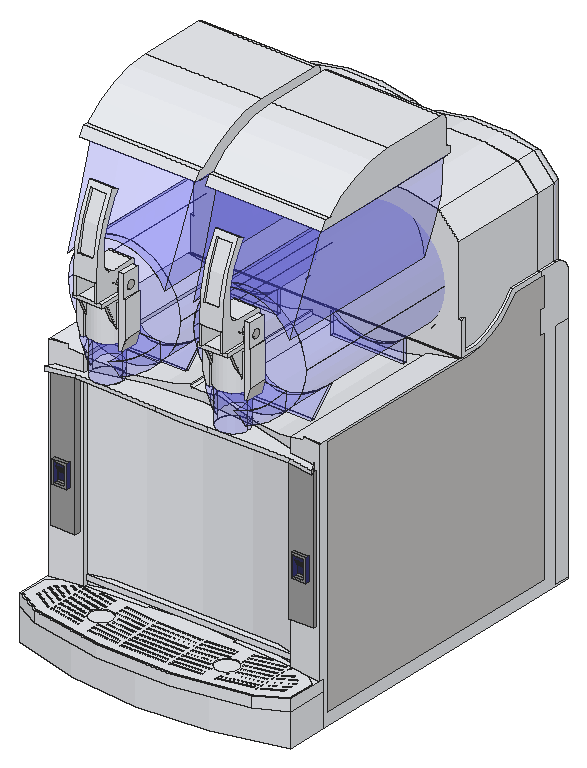
Revit family "QF_ELECTROLUXPROFESSIONAL_560022_NINA2", category Specialty Equipment, Revit 2018 (continued)
Automatic sketch dimensions
  curve 177 to curve 176 = 1.389 mm
  curve 176 to curve 175 = 4.011 mm
  curve 175 to curve 174 = 3.03 mm
  curve 170 to curve 183 = 8.9 mm
  curve 171 to curve 170 = 0.0 mm
  curve 172 to curve 171 = 0.0 mm
  curve 173 to curve 172 = 0.0 mm
  curve 168 to curve 167 = 3.227 mm
  plane 5 "FRONT" to curve 184 = 20.343 mm
  curve 184 to curve 183 = 2.609 mm
  curve 148 to curve 147 = 4.797 mm
  curve 147 to curve 146 = 0.875 mm
  curve 146 to curve 141 = 3.227 mm
  curve 146 to curve 144 = 3.227 mm
  curve 145 to curve 144 = 0.0 mm
  curve 140 to curve 138 = 9.741 mm
  curve 139 to curve 138 = 0.0 mm
  curve 138 to curve 137 = 3.654 mm
  curve 137 to curve 136 = 1.538 mm
  curve 135 to plane 10 = 2.192 mm
  curve 134 to plane 10 = 0.268 mm
  curve 114 to curve 134 = 0.0 mm
  curve 6 to plane 6 "BACK" = 0.0 mm  (x2)
  curve 6 to curve 12 = 4.362 mm
  curve 6 to curve 6 = 0.004 mm
  curve 191 to plane 3 "Center (Left/Right)" = 5.0 mm
  plane 3 "Center (Left/Right)" to curve 191 = 5.0 mm
  curve 7 to plane 6 "BACK" = 0.001 mm  (x2)
  curve 13 to curve 7 = 4.354 mm
  curve 7 to curve 7 = 4.356 mm
  curve 114 to curve 58 = 0.0 mm
  curve 58 to plane 10 = 0.268 mm
  curve 58 to curve 59 = 1.022 mm
  curve 59 to curve 60 = 2.53 mm
  curve 60 to curve 61 = 1.538 mm
  curve 61 to curve 63 = 3.654 mm
  curve 63 to curve 66 = 9.741 mm
  curve 67 to curve 66 = 0.0 mm
  curve 68 to curve 67 = 0.0 mm
  curve 69 to curve 68 = 0.0 mm
  curve 65 to curve 64 = 0.0 mm
  curve 69 to curve 70 = 3.227 mm
  curve 70 to curve 71 = 0.875 mm
  plane 5 "FRONT" to curve 108 = 20.343 mm
  curve 107 to curve 108 = 2.609 mm
  curve 108 to curve 91 = 3.063 mm
  curve 91 to curve 92 = 3.227 mm
  curve 93 to curve 92 = 0.0 mm
  curve 94 to curve 93 = 0.0 mm
  curve 95 to curve 94 = 0.0 mm
  curve 96 to curve 95 = 0.0 mm
  curve 97 to curve 96 = 0.0 mm
  curve 98 to plane 10 = 11.571 mm
  curve 98 to curve 99 = 3.03 mm
  curve 100 to plane 10 = 3.771 mm
  curve 101 to plane 10 = 1.369 mm
  plane 10 to curve 83 = 3.59 mm
  curve 84 to curve 83 = 1.194 mm
  curve 8 to plane 6 "BACK" = 0.013 mm
  curve 8 to curve 9 = 14.054 mm
  curve 8 to plane 6 "BACK" = 0.012 mm
  curve 8 to curve 8 = 0.037 mm
  plane 10 to curve 111 = 6.754 mm
  curve 83 to curve 111 = 6.328 mm
  curve 111 to curve 112 = 1.05 mm
  curve 111 to curve 110 = 1.374 mm
  plane 10 to curve 82 = 3.5 mm
  curve 110 to curve 82 = 0.386 mm
  curve 82 to curve 81 = 4.125 mm
  curve 193 to curve 193 = 12.0 mm
  plane 8 "RIGHT" to curve 74 = 12.0 mm
  curve 75 to curve 74 = 0.0 mm
  curve 79 to curve 77 = 2.264 mm
  curve 78 to plane 10 = 3.925 mm
  curve 78 to curve 77 = 0.0 mm
  curve 23 to curve 74 = 0.0 mm
  curve 76 to curve 75 = 0.0 mm
  curve 110 to curve 22 = 6.743 mm
  curve 113 to curve 10 = 3.94 mm
  curve 18 to curve 115 = 5.89 mm
  curve 21 to curve 23 = 5.89 mm
  curve 23 to curve 74 = 2.287 mm
  curve 74 to curve 75 = 4.573 mm
  curve 150 to curve 151 = 4.573 mm
  curve 151 to curve 152 = 2.287 mm
  curve 77 to curve 78 = 2.287 mm
  curve 83 to curve 84 = 0.662 mm
  curve 159 to curve 160 = 0.662 mm
  plane 10 to curve 114 = 5.427 mm
  curve 22 to curve 112 = 7.581 mm
  curve 19 to curve 188 = 7.581 mm
  curve 188 to curve 190 = 0.422 mm
  curve 112 to curve 10 = 0.422 mm
  curve 193 to plane 9 = 73.749 mm
  curve 192 to plane 9 = 73.749 mm
  curve 191 to curve 114 = 58.61 mm
  curve 193 to curve 14 = 11.723 mm
  curve 192 to curve 11 = 11.723 mm
  curve 191 to curve 13 = 11.723 mm
  curve 191 to curve 12 = 11.723 mm
  Extrusion 41 sketch curve to plane 7 "LEFT" = 150.0 mm
  plane 7 "LEFT" to Extrusion 41 sketch curve = 0.0 mm
  plane 8 "RIGHT" to Extrusion 41 sketch curve = 0.0 mm
  Extrusion 41 sketch curve to plane 8 "RIGHT" = 150.0 mm
  Extrusion 41 sketch curve to plane 5 "FRONT" = 0.0 mm  (x2)
  plane 6 "BACK" to Extrusion 41 sketch curve = 0.0 mm
  Extrusion 41 sketch curve to Extrusion 41 sketch curve = 150.0 mm
  radius of Extrusion 3 sketch curve = 6.0 mm
  radius of Extrusion 4 sketch curve = 8.0 mm
  radius of Extrusion 5 sketch curve = 6.0 mm
  radius of Extrusion 6 sketch curve = 8.0 mm
  radius of Extrusion 7 sketch curve = 6.0 mm
  radius of Extrusion 8 sketch curve = 8.0 mm
  radius of Extrusion 9 sketch curve = 6.0 mm
  radius of Extrusion 10 sketch curve = 8.0 mm
  radius of Extrusion 25 sketch curve = 11.53 mm  (x2)
  radius of Extrusion 27 sketch curve = 10.0 mm
Nested families
  nested 1: "NINA1_Vasca" at (-65, 7.181, 24.5), type "NINA1_Vasca"
  nested 2: "NINA1_Vasca" at (65, 7.181, 24.586), type "NINA1_Vasca"
Connectors
  electrical at (0, 193.512, 25.877), driven by "Volts"
    settings: on Extrusion 27, index 1, voltage 230 V, apparent load 0 VA, apparent load phase1 0 VA, apparent load phase2 0 VA, apparent load phase3 0 VA, power factor 1, load classification "Other", number of poles 1, system type 30, power factor state 1, is connector primary yes, connector utility no, sub classification motor no, connector description "Electrical Connection"
Definition of nested family "NINA1_Vasca"
  Reference planes
    plane 1 "Center (Front/Back)": y = 0
    plane 2 "BASE": z = 0
    plane 3 "Center (Left/Right)": x = 0
    plane 4 "FEET": z = 14
    plane 5: y = -81
    plane 6 "SlopeBack": through (0, 294.5, 470.764) normal (0, 0.9659, 0.2588)
    plane 7 "TOP": z = 473
    plane 8: z = 250
    plane 9 "oblique": through (0, -111.213, 275.153) normal (0, -0.3746, 0.9272)
  Forms (mm)
    Extrusion 1, solid
      sketch origin (0, 93.757, 711) x (-1, 0, 0) y (0, -1, 0)
        loop
          circle (0, 226.958) r 15.5
      from -386.51 to -461.086
    Extrusion 2, solid
      sketch origin (0, 94.757, 746.22) x (-1, 0, 0) y (0, -1, 0)
        loop
          circle (0, 226.958) r 18
        loop
          circle (0, 226.958) r 16
      from -419.205 to -457.107
    Extrusion 3, solid
      sketch origin (0, 110.803, 696.477) x (-1, 0, 0) y (0, -1, 0)
        loop
          line (15.227, 270.303) -> (-15.227, 270.303) -> (-15.227, 224.483) -> (15.227, 224.483) -> (15.227, 270.303)
      from -363.359 to -367.263
    Extrusion 4, solid
      sketch origin (0, 64.882, -38.446) x (0, 1, 0) y (0, 0, 1)
        loop
          line (-226.563, 390.51) -> (-226.563, 371.564) -> (-178.92, 371.564) -> (-178.92, 391.372)
          arc (-178.92, 391.372) -> (-179.814, 393.531) -> (-181.974, 394.426) r 3.054
          line (-181.974, 394.426) -> (-206.974, 394.426)
          arc (-206.974, 394.426) -> (-214.474, 397.532) -> (-217.58, 405.032) r 10.607
          line (-217.58, 405.032) -> (-217.58, 427.635)
          arc (-217.58, 427.635) -> (-212.04, 445.462) -> (-203.889, 462.257) r 124.134
          line (-203.889, 462.257) -> (-201.54, 463.901) -> (-199.891, 466.614) -> (-206.196, 470.446)
          arc (-206.196, 470.446) -> (-222.352, 432) -> (-226.563, 390.51) r 141.074
      from 12 to -12
    Extrusion 5, solid
      sketch origin (-131, 110.803, -30.523) x (0, 1, 0) y (0, 0, 1)
        loop
          line (-264.5, 359.737) -> (-248.575, 325.586) -> (-246.902, 325.586) -> (-246.902, 359.737) -> (-264.5, 359.737)
      from 143.221 to 146.227
    Extrusion 6, solid
      sketch origin (0, -212.5, -30.716) x (-1, 0, 0) y (0, 0, 1)
        loop
          line (-18, 313.898) -> (-18, 386.88) -> (-23.482, 386.88) -> (-23.482, 363.641) -> (-24.969, 363.641) -> (-24.969, 326.88) -> (-21, 313.898) -> (-18, 313.898)
        loop
          line (18, 313.898) -> (21, 313.898) -> (24.969, 326.88) -> (24.969, 363.641) -> (23.482, 363.641) -> (23.482, 386.88) -> (18, 386.88) -> (18, 313.898)
      from 89.299 to 71.184
    Extrusion 7, solid
      sketch origin (0, 110.803, 840.775) x (-1, 0, 0) y (0, -1, 0)
        loop
          line (-15.227, 246.902) -> (-15.227, 225.09) -> (15.227, 225.09) -> (15.227, 246.902) -> (-15.227, 246.902)
      from -507.658 to -503.341
    Extrusion 8, void
      sketch origin (0, 100.803, -34.78) x (0, 1, 0) y (0, 0, 1)
        loop
          circle (-234.353, 378.005) r 3.978
      from 24.969 to -24.969
    Extrusion 9, solid
      sketch origin (0, 100.803, -34.78) x (0, 1, 0) y (0, 0, 1)
        loop
          circle (-234.353, 378.005) r 3.978
      from 24 to -24
    Extrusion 10, solid
      sketch origin (0, 212.5, -83.88) x (-1, 0, 0) y (0, 0, 1)
        loop
          circle (0, 394.542) r 62
        loop
          circle (0, 394.542) r 58
      from -129.207 to -140.93
    Extrusion 11, solid
      sketch origin (0, -212.5, 101.858) x (-1, 0, 0) y (0, 0, 1)
        loop
          line (49.6, 238.868) -> (54.311, 328.744) -> (58.38, 328.744) -> (58.38, 331.36) -> (-58.38, 331.36) -> (-58.38, 328.744) -> (-54.311, 328.744) -> (-49.6, 238.868)
          arc (-49.6, 238.868) -> (0, 266.804) -> (49.6, 238.868) r 58
      from 70.017 to 284.07
    Blend 12, void
      base sketch origin (0, 16.422, 0) x (1, 0, 0) y (0, 1, 0)
        loop
          arc (82, -118.5) -> (-0.5, -148.501) -> (-83, -118.5) r 128.434
          line (-83, -118.5) -> (-83, -163.5) -> (82, -163.5) -> (82, -118.5)
      top sketch origin (0, 16.422, 0) x (1, 0, 0) y (0, 1, 0)
        loop
          line (-83, -87.516) -> (-83, -163.5) -> (82, -163.5) -> (82, -87.516)
          arc (82, -87.516) -> (-0.5, -101.483) -> (-83, -87.516) r 250.65
      from 340 to 451.416
    Extrusion 13, void
      sketch origin (0, 0, 0) x (0, 1, 0) y (0, 0, 1)
        loop
          arc (-144.281, 426.88) -> (-155.374, 400.936) -> (-161.083, 373.302) r 141.074
          line (-161.083, 373.302) -> (-159.474, 373.302)
          arc (-159.474, 373.302) -> (-153.828, 400.519) -> (-142.898, 426.075) r 139.474
          line (-142.898, 426.075) -> (-144.281, 426.88)
      from -8 to 8
    Extrusion 14, solid
      sketch origin (0, 0, 0) x (0, 1, 0) y (0, 0, 1)
        loop
          line (71.57, 439.787) -> (66.342, 441.879) -> (66.342, 466.879)
          arc (66.342, 466.879) -> (64.549, 471.207) -> (60.221, 473) r 6.121
          line (60.221, 473) -> (-8.308, 473)
          arc (-8.308, 473) -> (-48.867, 464.422) -> (-83.658, 441.879) r 113.743
          line (-83.658, 441.879) -> (-88.658, 441.879) -> (-93.658, 433.219) -> (71.57, 433.219) -> (71.57, 439.787)
      from 60 to -60
    Extrusion 15, void
      sketch origin (0, -212.5, 0) x (-1, 0, 0) y (0, 0, 1)
        loop
          circle (0, 310.663) r 58
      from 252.476 to 256.393
    Extrusion 16, solid
      sketch origin (0, 0, 0) x (0, 1, 0) y (0, 0, 1)
        loop
          line (43.893, 274.394) -> (39.976, 274.394) -> (39.976, 243.352) -> (43.893, 243.352) -> (43.893, 274.394)
      from -38 to 38
    Extrusion 17, solid
      sketch origin (0, 0, 0) x (0, 1, 0) y (0, 0, 1)
        loop
          line (-79.951, 243.352) -> (-75.844, 243.352) -> (-44.478, 274.718) -> (-48.585, 274.718) -> (-79.951, 243.352)
      from -38 to 38
    Extrusion 18, void
      sketch origin (0, -212.5, 0) x (-1, 0, 0) y (0, 0, 1)
        loop
          circle (0, 310.663) r 58
      from 130.305 to 168.022
    Extrusion 19, solid
      sketch origin (0, -212.5, 0) x (-1, 0, 0) y (0, 0, 1)
        loop
          circle (0, 310.663) r 58
      from 284.07 to 101.287
    Blend 20, void
      base sketch origin (0, -51.422, 0) x (1, 0, 0) y (0, 1, 0)
        loop
          line (82, 118.5) -> (82, 163.5) -> (-83, 163.5) -> (-83, 118.5)
          arc (-83, 118.5) -> (-0.5, 148.501) -> (82, 118.5) r 128.434
      top sketch origin (0, -51.422, 0) x (1, 0, 0) y (0, 1, 0)
        loop
          arc (-83, 87.516) -> (-0.5, 111) -> (82, 87.516) r 156.656
          line (82, 87.516) -> (82, 163.5) -> (-83, 163.5) -> (-83, 87.516)
      from 426.709 to 337.435
    Extrusion 21, solid
      sketch origin (131, 110.803, -30.523) x (0, 1, 0) y (0, 0, -1)
        loop
          line (-264.5, -359.737) -> (-246.902, -359.737) -> (-246.902, -325.586) -> (-248.575, -325.586) -> (-264.5, -359.737)
      from 143.221 to 146.227
    Extrusion 22, void
      sketch origin (0, -212.5, 0) x (-1, 0, 0) y (0, 0, 1)
        loop
          line (9.387, 352.063) -> (-9.387, 352.063) -> (-9.387, 333.118) -> (9.387, 333.118) -> (9.387, 352.063)
      from 47.252 to 98.82
    Extrusion 23, solid
      sketch origin (0, -111.175, 275.168) x (0, 0.927184, 0.374607) y (-1, 0, 0)
        loop
          line (3.629, -37.924) -> (3.629, 37.076)
          arc (3.629, 37.076) -> (-33.871, -0.424) -> (3.629, -37.924) r 37.5
      from -9 to 10
    Extrusion 24, void
      sketch origin (0, 93.757, 711) x (-1, 0, 0) y (0, -1, 0)
        loop
          circle (0, 226.958) r 15.5
      from -386.51 to -461.086
  Cuts and joins
    Extrusion 13, Blend 20, Extrusion 22 cuts Extrusion 4
    Extrusion 13 cuts Extrusion 5
    joined: Extrusion 5, Extrusion 21
    Extrusion 8 cuts Extrusion 6
    Blend 12, Extrusion 18, Blend 20 cuts Extrusion 11
    Extrusion 15, Extrusion 18 cuts Extrusion 16
    Extrusion 18 cuts Extrusion 17
    Blend 20 cuts Extrusion 14
    Extrusion 24 cuts Extrusion 23
    joined: Extrusion 19, Extrusion 23
  Lines and regions (mm)
    symbolic lines
      curve 1: line (-60, 71.57, 0) -> (-60, -93.658, 0)
      curve 2: line (60, 71.57, 0) -> (-60, 71.57, 0)
      curve 3: line (62, 83.293, 0) -> (-62, 83.293, 0)
      curve 4: line (60, 66.342, 0) -> (-60, 66.342, 0)
      curve 5: line (60, -93.658, 0) -> (60, 71.57, 0)
      curve 6: line (-60, -8.308, 0) -> (60, -8.308, 0)
      curve 7: line (-60, -83.658, 0) -> (60, -83.658, 0)
      curve 8: line (-60, -88.658, 0) -> (60, -88.658, 0)
      curve 9: line (-60, -93.658, 0) -> (60, -93.658, 0)
      curve 10: arc (58.38, -88.744, 0) -> (-0.61, -100.704, 0) -> (-59.583, -88.658, 0) r 150.92
      curve 11: spline (-53.991, -93.658, 0) -> (-53.625, -96.009, 0) -> (-53.259, -98.364, 0) -> (-52.893, -100.722, 0) -> (-52.527, -103.083, 0) -> (-52.161, -105.448, 0) -> (-51.795, -107.816, 0) -> (-51.429, -110.187, 0) -> (-51.063, -112.561, 0) -> (-50.697, -114.938, 0) -> (-50.332, -117.319, 0) -> (-49.966, -119.703, 0) -> (-49.6, -122.091, 0)
      curve 12: line (-58, -111.213, 0) -> (58, -111.213, 0)
      curve 13: spline (-35.314, -122.091, 0) -> (-34.789, -123.514, 0) -> (-34.198, -124.914, 0) -> (-33.543, -126.29, 0) -> (-32.824, -127.638, 0) -> (-32.043, -128.957, 0) -> (-31.201, -130.242, 0) -> (-30.3, -131.493, 0) -> (-29.341, -132.706, 0) -> (-28.327, -133.88, 0) -> (-27.259, -135.012, 0) -> (-26.139, -136.1, 0) -> (-24.969, -137.142, 0)
      curve 14: arc (24.969, -137.699, 0) -> (31.833, -130.581, 0) -> (36.174, -121.696, 0) r 31.75
      curve 15: arc (15.227, -143.45, 0) -> (17.568, -142.495, 0) -> (19.804, -141.316, 0) r 25.92
      curve 16: line (-12, -161.838, 0) -> (12, -161.838, 0)
      curve 17: line (12, -161.838, 0) -> (12, -121.838, 0)
      curve 18: line (18, -137.528, 0) -> (12, -137.528, 0)
      curve 19: line (18, -129.571, 0) -> (12, -129.571, 0)
      curve 20: line (18, -123.201, 0) -> (18, -141.316, 0)
      curve 21: line (24.969, -123.201, 0) -> (18, -123.201, 0)
      curve 22: line (18, -141.316, 0) -> (24.969, -141.316, 0)
      curve 23: line (24.969, -141.316, 0) -> (24.969, -123.201, 0)
      curve 24: line (23.482, -141.316, 0) -> (23.482, -123.201, 0)
      curve 25: line (-12, -135.009, 0) -> (12, -135.009, 0)
      curve 26: line (12, -141.314, 0) -> (-12, -141.314, 0)
      curve 27: line (8, -161.083, 0) -> (-8, -161.083, 0)
      curve 28: line (8, -159.474, 0) -> (-8, -159.474, 0)
      curve 29: line (8, -161.083, 0) -> (8, -144.281, 0)
      curve 30: line (-8, -144.281, 0) -> (-8, -161.083, 0)
      curve 31: line (-8, -144.281, 0) -> (8, -144.281, 0)
      curve 32: line (-24.969, -123.201, 0) -> (-24.969, -141.316, 0)
      curve 33: line (-23.482, -123.201, 0) -> (-23.482, -141.316, 0)
      curve 34: line (-18, -141.316, 0) -> (-18, -123.201, 0)
      curve 35: line (-18, -129.548, 0) -> (-12, -129.548, 0)
      curve 36: line (-18, -137.527, 0) -> (-12, -137.527, 0)
      curve 37: line (-12, -122.386, 0) -> (-12, -161.838, 0)
      curve 38: line (-24.969, -123.201, 0) -> (-18, -123.201, 0)
      curve 39: line (-24.969, -141.316, 0) -> (-18, -141.316, 0)
      curve 41: line (-49.6, -122.091, 0) -> (49.381, -122.091, 0)
      curve 42: line (49.381, -122.091, 0) -> (53.884, -93.658, 0)
      curve 43: line (-58, -93.658, 0) -> (-58, -111.213, 0)
      curve 44: line (58, -111.213, 0) -> (58, -93.658, 0)
      curve 45: line (-62, 71.57, 0) -> (-62, 83.293, 0)
      curve 46: line (62, 71.57, 0) -> (62, 83.293, 0)
      curve 47: line (-18.887, -141.316, 0) -> (-15.227, -143.181, 0)
      curve 48: line (-15.227, -137.527, 0) -> (-15.227, -159.5, 0)
      curve 49: line (15.227, -159.5, 0) -> (15.227, -137.528, 0)
      curve 50: line (-15.227, -159.5, 0) -> (-12, -159.5, 0)
      curve 51: line (15.227, -159.5, 0) -> (12, -159.5, 0)
    model lines
      curve 40: line (49.381, -122.091, 0) -> (53.884, -93.658, 0)
  Dimensions and locks
    plane 7 "TOP" to level = 473.0 mm  (x2)
    plane 8 to level = 250.0 mm  (x2)
    aligned and locked: level to plane 2 "BASE"
